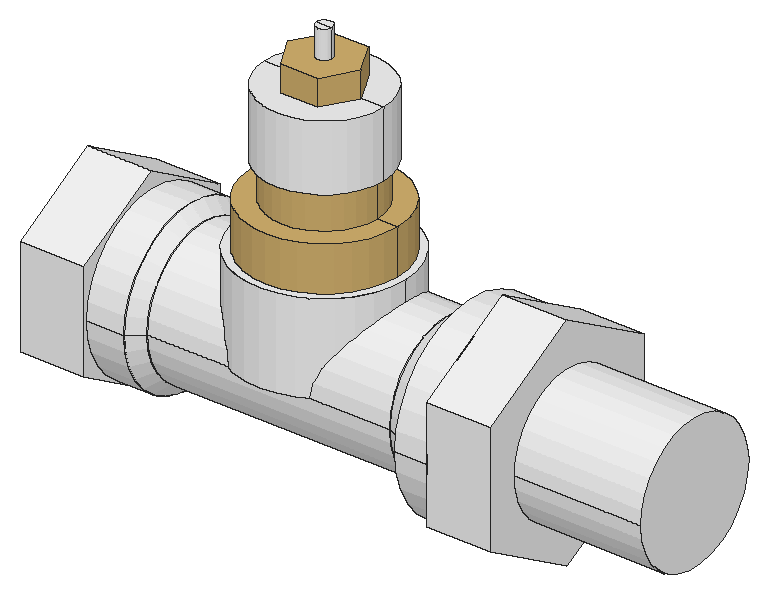
Revit family "RA-NCX_Straight_DN15_RFA_1", category Pipe Accessories, Revit 2019
Family settings
  Round Connector Dimension = Use Diameter
  Part Type = Valve - Breaks Into
  OmniClass Number = 23.65.55.14.17
  OmniClass Title = Adjusting/Controlling Valves for Liquid Services
  Work Plane-Based = No
  Always vertical = Yes
  Cut with Voids When Loaded = No
  Shared = No
Parameters (values of type "RA-NCX_Straight_DN15_D_013G4238")
  Weight = 0.28 kg
  W = R_200_1 * 2  # 34.6 mm
  TL = L1 + L2  # 75 mm
  Setting Range = "1-7,N"  # constant formula
  R_200_1 = 17.3 mm  # constant formula
  R_200 = 15.3 mm  # constant formula
  RV4 = 15 mm
  RV3 = 13 mm
  RV2 = 13 mm
  Pressure Drop [instance] = 0.0 bar
  Model Type = "RA-NCX_Straight_DN15_D"
  Model = "013G4238"
  Max Operating Pressure = "10 bar"  # constant formula
  Max Medium Temperature = "120 ˚C"  # constant formula
  Max Differential Pressure = "0.6 bar"  # constant formula
  L_2 = 10 mm
  Valve Body Material = Danfoss Brass (Chrome plated)
  RV5 = 10.5 mm
  LOD 350 = not(LOD 200)  # yes
  LOD 200 = no
  L6 = 5 mm
  L5 = 19 mm
  L4 = 19 mm
  L3 = 2 mm
  L = 95 mm
  Kvs = 0.9 m³/h
  IfcExportType = "RA-NCX"  # constant formula
  IfcExportAs = "IfcValveType"  # constant formula
  Ha = 45.3 mm  # constant formula
  H1 = 14 mm
  H2 = 7 mm
  L_1 = 10 mm
  URL = "https://store.danfoss.com/en/Climate-Solutions-for-heating/Radiator-Thermostats/Radiator-Valves/Build-on-valves/Presetting-valves/c/13866?q=%3Arelevance%3Adanfoss_producttypehierarchydesc%3ARA-NCX&text="
  Manufacturer = "Danfoss"  # constant formula
  L2 = 38 mm
  L1 = 37 mm
  H = Ha + R_200_1  # 62.6 mm
  Flow [instance] = 0.0 m³/h
  Description = "Thermostatic Radiator Valve"  # constant formula
  D_Thread = 22.6 mm
  DB1 = 25.5 mm
  DV1 = 22 mm
  L_Thread2 = 15 mm  # constant formula
  L_Thread1 = 13.3 mm  # constant formula
  D = 15 mm
  Connection = "Internal Thread"  # constant formula
Types (2, lengths in mm): name | Weight | TL | RV4 | RV3 | RV2 | Model Type | Model | RV5 | L6 | L5 | L4 | L3 | L | H1 | L2 | L1 | DV1
  RA-NCX_Straight_DN15_F_013G4248 | 0.26 kg | 61.5 | 14.8 | 12.3 | 12.5 | "RA-NCX_Straight_DN15_F" | "013G4248" | 10.2 | 4.5 | 15.5 | 9.5 | 4 | 82 | 15 | 32.5 | 29 | 21
  RA-NCX_Straight_DN15_D_013G4238 | 0.28 kg | 75 | 15 | 13 | 13 | "RA-NCX_Straight_DN15_D" | "013G4238" | 10.5 | 5 | 19 | 19 | 2 | 95 | 14 | 38 | 37 | 22
Reference planes
  plane 1 "Center (Front/Back)": y = 0
  plane 2 "XYPLANE": z = 6
  plane 3 "Center (Left/Right)": x = 0
  plane 4 "67": z = 41
  plane 5 "66": z = 21
  plane 6 "63": x = 0
  plane 7 "62": x = -37
  plane 8 "61": x = 38
  plane 9 "60": y = 0
  plane 10 "59": z = 0
  plane 11 "Y2": x = -27
  plane 12: z = 45.3
  plane 13: z = 26.7
  plane 14: x = 58
  plane 15: x = 28
  plane 16: z = 37
  plane 17: z = 14
  plane 18: x = 19
  plane 19: x = -19
  plane 20: x = -21
  plane 21: x = 23
  plane 22: z = -17.3
  plane 23: y = -17.3
  plane 24: y = 17.3
Forms (mm)
  Extrusion 1, solid, material "Danfoss Brass (Chrome plated)" <- "Valve Body Material", visible <- "LOD 350", detail levels fine
    sketch origin (-15, 0, 0) x (0, 0, 1) y (0, -1, 0)
      loop
        circle (0, 0) r 11
    from -4 to 34
  Extrusion 2, solid, material "Danfoss Brass (Chrome plated)" <- "Valve Body Material", visible <- "LOD 350", detail levels fine
    sketch origin (38, -750, 0) x (0, 1, 0) y (0, 0, 1)
      loop
        line (750, 17.321) -> (735, 8.66) -> (735, -8.66) -> (750, -17.321) -> (765, -8.66) -> (765, 8.66) -> (750, 17.321)
    from 0 to -10
  Extrusion 3, solid, material "Danfoss Brass (Chrome plated)" <- "Valve Body Material", visible <- "LOD 350", detail levels fine
    sketch origin (-37, -750, 0) x (0, 1, 0) y (0, 0, 1)
      loop
        line (750, 15.358) -> (736.7, 7.679) -> (736.7, -7.679) -> (750, -15.358) -> (763.3, -7.679) -> (763.3, 7.679) -> (750, 15.358)
    from 0 to 10 <- "L_1"
  Revolve 4, solid, material "Danfoss Brass (Chrome plated)" <- "Valve Body Material", detail levels fine
    sketch origin (0, 0, 0) x (1, 0, 0) y (0, 0, 1)
      loop
        line (0, 45.3) -> (0, 41) -> (1.2, 41) -> (1.2, 45.3) -> (0, 45.3)
      axis (0, 41) -> (0, 45.3)
    angle from 0 to 360
  Revolve 5, solid, material "Danfoss Brass", visible <- "LOD 350", detail levels fine
    sketch origin (0, 0, 0) x (1, 0, 0) y (0, 0, 1)
      loop
        line (0, 14) -> (11.5, 14) -> (11.5, 21) -> (8.3, 21) -> (8.3, 26.7) -> (0, 26.7) -> (0, 14)
      axis (0, 26.7) -> (0, 14)
    angle from 0 to 360
  Extrusion 6, solid, material "Danfoss Brass (Chrome plated)" <- "Valve Body Material", visible <- "LOD 350", detail levels fine
    sketch origin (38, -750, 0) x (0, 1, 0) y (0, 0, 1)
      loop
        circle (750, 0) r 13
    from -65 to -59
  Revolve 7, solid, material "Danfoss Brass (Chrome plated)" <- "Valve Body Material", detail levels fine
    sketch origin (0, 0, 0) x (1, 0, 0) y (0, 0, 1)
      loop
        line (0, 37) -> (0, 26.7) -> (9.3, 26.7) -> (9.3, 37) -> (0, 37)
      axis (0, 26.7) -> (0, 37)
    angle from 0 to 360
  Extrusion 8, solid, material "Danfoss Brass (Chrome plated)" <- "Valve Body Material", visible <- "LOD 200", detail levels fine
    sketch origin (38, -750, 0) x (0, 1, 0) y (0, 0, 1)
      loop
        circle (750, 0) r 11
    from -65 to -10
  Revolve 9, solid, material "Danfoss Brass", visible <- "LOD 200", detail levels fine
    sketch origin (0, 0, 0) x (1, 0, 0) y (0, 0, 1)
      loop
        line (0, 14) -> (11.4, 14) -> (11.4, 26.7) -> (0, 26.7) -> (0, 14)
      axis (0, 14) -> (0, 26.7)
    angle from 0 to 360
  Extrusion 10, solid, material "Danfoss Brass (Chrome plated)" <- "Valve Body Material", detail levels fine
    sketch origin (0, 0, 0) x (0, 1, 0) y (0, 0, 1)
      loop
        circle (0, 0) r 10.5
    from 38 to 58
  Extrusion 11, solid, material "Danfoss Brass (Chrome plated)" <- "Valve Body Material", detail levels fine
    sketch origin (0, 0, 0) x (1, 0, 0) y (0, 1, 0)
      loop
        circle (0, 0) r 12.75
    from 0 to 14
  Blend 12, solid, material "Danfoss Brass (Chrome plated)" <- "Valve Body Material", visible <- "LOD 350", detail levels fine
    base sketch origin (0, 0, 0) x (0, 1, 0) y (0, 0, 1)
      loop
        circle (0, 0) r 13
    top sketch origin (0, 0, 0) x (0, 1, 0) y (0, 0, 1)
      loop
        circle (0, 0) r 11
    from -21 to -19
  Blend 13, solid, material "Danfoss Brass (Chrome plated)" <- "Valve Body Material", visible <- "LOD 350", detail levels fine
    base sketch origin (0, 0, 0) x (0, 1, 0) y (0, 0, -1)
      loop
        circle (0, 0) r 13
    top sketch origin (0, 0, 0) x (0, 1, 0) y (0, 0, -1)
      loop
        circle (0, 0) r 11
    from -23 to -19
  Extrusion 14, solid, material "Danfoss Brass (Chrome plated)" <- "Valve Body Material", visible <- "LOD 350", detail levels fine
    sketch origin (-29.5, -750, 0) x (0, 1, 0) y (0, 0, -1)
      loop
        circle (750, 0) r 15
    from -57.5 to -52.5
  Extrusion 15, solid, material "Danfoss Brass", visible <- "LOD 350", detail levels fine
    sketch origin (0, 0, 0) x (1, 0, 0) y (0, 1, 0)
      loop
        line (-2.887, 5) -> (-5.774, 0) -> (-2.887, -5) -> (2.887, -5) -> (5.774, 0) -> (2.887, 5) -> (-2.887, 5)
    from 37 to 41
  Extrusion 16, solid, material "Danfoss Brass (Chrome plated)" <- "Valve Body Material", visible <- "LOD 200", detail levels fine
    sketch origin (0, 0, 0) x (0, 1, 0) y (0, 0, 1)
      loop
        circle (0, 0) r 15.3
    from -37 to -27
  Extrusion 17, solid, material "Danfoss Brass (Chrome plated)" <- "Valve Body Material", visible <- "LOD 200", detail levels fine
    sketch origin (0, 0, 0) x (0, 1, 0) y (0, 0, 1)
      loop
        circle (0, 0) r 17.3
    from 28 to 38
  Extrusion 18, solid, material "Danfoss Brass", visible <- "LOD 200", detail levels fine
    sketch origin (0, 0, 0) x (1, 0, 0) y (0, 1, 0)
      loop
        circle (0, 0) r 5.774
    from 37 to 41
Lines and regions (mm)
  reference lines, not visible
    curve 1: circle (2, 2, 0) r 1 normal (0, 0, 1)
  reference lines, visible <- "LOD 350"
    curve 2: line (38, 0, 0) -> (38, 5.846, -3.375)
    curve 3: line (38, 0, 0) -> (38, 0, -6.75)
    curve 4: line (38, 0, 0) -> (38, -5.846, -3.375)
    curve 5: line (-37, 0, 0) -> (-37, -4.98, -2.875)
    curve 6: line (-37, 0, 0) -> (-37, 0, -5.75)
    curve 7: line (-37, 0, 0) -> (-37, 4.98, -2.875)
Dimensions and locks
  plane 1 "Center (Front/Back)" to curve 1 = 2 mm
  locked: plane 3 "Center (Left/Right)" to plane 6 "63"
  "L1": plane 3 "Center (Left/Right)" to plane 7 "62"
  "L2": plane 3 "Center (Left/Right)" to plane 8 "61"
  locked: plane 1 "Center (Front/Back)" to plane 9 "60"
  plane 10 "59" to plane 2 "XYPLANE" = 6 mm
  "L_Thread2": curve 2 to Extrusion 2 sketch curve  (x2)
  "L_Thread2": curve 3 to Extrusion 2 sketch curve  (x2)
  "L_Thread2": curve 4 to Extrusion 2 sketch curve  (x2)
  "L_Thread1": curve 5 to Extrusion 3 sketch curve  (x2)
  "L_Thread1": curve 6 to Extrusion 3 sketch curve  (x2)
  "L_Thread1": curve 7 to Extrusion 3 sketch curve  (x2)
  "Ha": plane 12 to level
  Revolve 7 sketch curve to Revolve 7 sketch curve = 9.3 mm
  Revolve 5 sketch curve to plane 3 "Center (Left/Right)" = 11.5 mm
  Revolve 5 sketch curve to plane 3 "Center (Left/Right)" = 8.3 mm
  Revolve 9 sketch curve to Revolve 9 sketch curve = 11.4 mm
  "L_1": plane 7 "62" to plane 11 "Y2"
  locked: plane 13 to plane 5 "66" at 5.7
  "L_2": plane 15 to plane 8 "61"
  locked: plane 16 to plane 13 at 10.3
  "H1": plane 17 to level
  "H2": plane 5 "66" to plane 17
  locked: plane 4 "67" to plane 5 "66" at 20
  "L4": plane 3 "Center (Left/Right)" to plane 19
  "L5": plane 18 to plane 3 "Center (Left/Right)"
  "L3": plane 19 to plane 20
  plane 8 "61" to plane 7 "62" = 75 mm
  "L": plane 14 to plane 7 "62"
  "L6": plane 15 to plane 21
  Extrusion 15 sketch curve to Extrusion 15 sketch curve = 10 mm  (x3)
  equal spacing: Extrusion 15 sketch curve, plane 1 "Center (Front/Back)", Extrusion 15 sketch curve
  equal spacing: Extrusion 15 sketch curve, plane 3 "Center (Left/Right)", Extrusion 15 sketch curve  (x2)
  "H": plane 12 to plane 22
  equal spacing: plane 23, plane 1 "Center (Front/Back)", plane 24
  "W": plane 23 to plane 24
  "DV1": diameter of Extrusion 1 sketch curve
  "RV2": radius of Extrusion 6 sketch curve
  "DV1": diameter of Extrusion 8 sketch curve
  "RV5": radius of Extrusion 10 sketch curve
  "DB1": diameter of Extrusion 11 sketch curve
  "RV2": radius of Blend 12 sketch curve
  "DV1": diameter of Blend 12 sketch curve
  "RV3": radius of Blend 13 sketch curve
  "DV1": diameter of Blend 13 sketch curve
  "RV4": radius of Extrusion 14 sketch curve
  "R_200": radius of Extrusion 16 sketch curve
  "R_200_1": radius of Extrusion 17 sketch curve
  radius of Extrusion 18 sketch curve = 5.774 mm
  locked: curve 3 to curve 2 (angle 60.00°)
  locked: curve 4 to curve 3 (angle 60.00°)
  locked: curve 4 to curve 2 (angle 120.00°)
  locked: curve 6 to curve 5 (angle 60.00°)
  locked: curve 7 to curve 6 (angle 60.00°)
  locked: curve 7 to curve 5 (angle 120.00°)
  aligned and locked: Extrusion 1 sketch curve to plane 9 "60"
  aligned and locked: curve 4 to plane 9 "60"
  aligned and locked: plane 10 "59" to curve 4
  aligned and locked: curve 7 to plane 9 "60"
  aligned and locked: plane 10 "59" to curve 7
  aligned and locked: Revolve 4 sketch curve to plane 6 "63"
  aligned and locked: Revolve 4 sketch curve to plane 12
  aligned and locked: plane 6 "63" to Revolve 4 sketch curve
  aligned and locked: Revolve 5 sketch curve to plane 5 "66"
  aligned and locked: Revolve 5 sketch curve to plane 3 "Center (Left/Right)"
  aligned and locked: Revolve 5 sketch curve to Revolve 5 sketch curve
  aligned and locked: plane 1 "Center (Front/Back)" to Extrusion 6 sketch curve
  aligned and locked: level to Extrusion 6 sketch curve
  aligned and locked: Revolve 5 sketch curve to plane 13
  aligned and locked: Revolve 7 sketch curve to plane 6 "63"
  aligned and locked: Revolve 7 sketch curve to plane 13
  aligned and locked: plane 6 "63" to Revolve 7 sketch curve
  aligned and locked: plane 1 "Center (Front/Back)" to Extrusion 8 sketch curve
  aligned and locked: level to Extrusion 8 sketch curve
  aligned and locked: Revolve 9 sketch curve to plane 6 "63"
  aligned and locked: plane 2 "XYPLANE" to Revolve 9 sketch curve
  aligned and locked: plane 6 "63" to Revolve 9 sketch curve
  aligned and locked: nested 1 to plane 9 "60"
  aligned and locked: plane 11 "Y2" to Extrusion 3
  aligned and locked: Revolve 4 sketch curve to plane 4 "67"
  aligned and locked: plane 4 "67" to Revolve 4 sketch curve
  aligned and locked: plane 1 "Center (Front/Back)" to Extrusion 10 sketch curve
  aligned and locked: level to Extrusion 10 sketch curve
  aligned and locked: Extrusion 2 to plane 15
  aligned and locked: Revolve 7 sketch curve to plane 16
  aligned and locked: Revolve 5 sketch curve to plane 17
  aligned and locked: plane 17 to Revolve 5 sketch curve
  aligned and locked: plane 6 "63" to Extrusion 11 sketch curve
  aligned and locked: plane 9 "60" to Extrusion 11 sketch curve
  aligned and locked: plane 17 to Extrusion 11
  aligned and locked: Extrusion 10 to plane 8 "61"
  aligned and locked: Extrusion 10 to plane 14
  aligned and locked: Extrusion 1 to plane 19
  aligned and locked: plane 18 to Extrusion 1
  aligned and locked: Extrusion 6 to plane 11 "Y2"
  aligned and locked: plane 20 to Extrusion 6
  aligned and locked: plane 1 "Center (Front/Back)" to Blend 12 sketch curve  (x2)
  aligned and locked: level to Blend 12 sketch curve  (x2)
  aligned and locked: Blend 12 to plane 20
  aligned and locked: plane 19 to Blend 12
  aligned and locked: plane 18 to Blend 13
  aligned and locked: plane 1 "Center (Front/Back)" to Blend 13 sketch curve  (x2)
  aligned and locked: level to Blend 13 sketch curve  (x2)
  aligned and locked: Extrusion 8 to plane 11 "Y2"
  aligned and locked: plane 15 to Extrusion 8
  aligned and locked: plane 21 to Blend 13
  aligned and locked: plane 15 to Extrusion 14
  aligned and locked: Extrusion 14 to plane 21
  aligned and locked: Extrusion 15 to plane 16
  aligned and locked: plane 4 "67" to Extrusion 15
  aligned and locked: plane 1 "Center (Front/Back)" to Extrusion 16 sketch curve
  aligned and locked: level to Extrusion 16 sketch curve
  aligned and locked: plane 1 "Center (Front/Back)" to Extrusion 17 sketch curve
  aligned and locked: level to Extrusion 17 sketch curve
  aligned and locked: Extrusion 16 to plane 7 "62"
  aligned and locked: Extrusion 16 to plane 11 "Y2"
  aligned and locked: Extrusion 17 to plane 15
  aligned and locked: Extrusion 17 to plane 8 "61"
  aligned and locked: Revolve 9 sketch curve to plane 13
  aligned and locked: plane 6 "63" to Extrusion 18 sketch curve
  aligned and locked: plane 9 "60" to Extrusion 18 sketch curve
  aligned and locked: Extrusion 18 to plane 16
  aligned and locked: plane 4 "67" to Extrusion 18
  aligned and locked: nested 1 to plane 7 "62"
Automatic sketch dimensions
  plane 3 "Center (Left/Right)" to curve 1 = 2 mm
  plane 3 "Center (Left/Right)" to Revolve 4 sketch curve = 1.2 mm
  plane 12 to Revolve 4 sketch curve = 0.838 mm
  plane 16 to Revolve 5 sketch curve = 1 mm
  Revolve 7 sketch curve to plane 3 "Center (Left/Right)" = 0 mm
  plane 5 "66" to Revolve 7 sketch curve = 2.5 mm
  Revolve 7 sketch curve to plane 12 = 1.691 mm
  Revolve 9 sketch curve to plane 17 = 0 mm
  Revolve 9 sketch curve to plane 12 = 0.3 mm
  plane 1 "Center (Front/Back)" to Extrusion 15 sketch curve = 0 mm
  Extrusion 15 sketch curve to Extrusion 15 sketch curve = 2.887 mm
  Extrusion 1 sketch curve to level = 0 mm
  Extrusion 10 sketch curve to level = 0 mm
  Extrusion 14 sketch curve to level = 0 mm
  Extrusion 14 sketch curve to plane 1 "Center (Front/Back)" = 0 mm
  radius of curve 1 = 1 mm
Nested families
  nested 1: "Schematic_TRV_Straight" at (-9.25, 0, 0), type "Schematic_TRV_Straight", detail levels coarse+medium
Connectors
  piping at (-37, 0, 0), diameter 15, driven by "D", driven by "Flow"
    settings: on Extrusion 3, index 2, connector inside diameter 609.6 mm, connector length 0 mm, flow factor 0, pipe flow 0.0 m³/h, pressure drop 0.0 bar, fitting loss kfactor 0, connector angle 0.00°, fixture units 0, engagement length 0 mm, angle of deflection 0.00°, flow configuration 0, flow direction 1, fitting loss method 0, system type 29, joint type 0, gender type 0, connector reference index 3, connector utility 0, adjustable connector no, is connector primary yes, connector description ""
  piping at (38, 0, 0), diameter 15, driven by "Flow", driven by "D"
    settings: on Extrusion 2, index 3, connector inside diameter 609.6 mm, connector length 0 mm, flow factor 0, pipe flow 0.0 m³/h, pressure drop 0.0 bar, fitting loss kfactor 0, connector angle 0.00°, fixture units 0, engagement length 0 mm, angle of deflection 0.00°, flow configuration 0, flow direction 2, fitting loss method 0, system type 29, joint type 0, gender type 0, connector reference index 2, connector utility 0, adjustable connector no, is connector primary no, connector description ""
Definition of nested family "Schematic_TRV_Straight"
  Parameters (values of type "Schematic_TRV_Straight")
    L = 55.5 mm
    LT = 4 / 5 * D  # 20.4 mm
    HT = 45.5 mm
    D = 25.5 mm
  Reference planes
    plane 1 "Center (Front/Back)": y = 0
    plane 2: z = 0
    plane 3 "Center (Left/Right)": x = 0
    plane 4: x = 27.75
    plane 5: y = 12.75
    plane 6: y = -12.75
    plane 7: z = 12.75
    plane 8: z = -12.75
    plane 9: z = 45.5
    plane 10: x = -10.2
    plane 11: x = 10.2
    plane 12: x = -27.75
    plane 13: y = 45.5
  Lines and regions (mm)
    model lines
      curve 1: line (0, 0, 0) -> (27.75, 0, 12.75)
      curve 2: line (27.75, 0, 12.75) -> (27.75, 0, -12.75)
      curve 3: line (27.75, 0, -12.75) -> (0, 0, 0)
      curve 4: line (0, 0, 0) -> (0, 0, 45.5)
      curve 5: line (-10.2, 0, 45.5) -> (10.2, 0, 45.5)
      curve 6: line (0, 0, 0) -> (-27.75, 0, 12.75)
      curve 7: line (-27.75, 0, 12.75) -> (-27.75, 0, -12.75)
      curve 8: line (-27.75, 0, -12.75) -> (0, 0, 0)
    symbolic lines
      curve 9: line (27.75, 12.75, 0) -> (27.75, -12.75, 0)
      curve 10: line (10.2, 45.5, 0) -> (-10.2, 45.5, 0)
      curve 11: line (0, 45.5, 0) -> (0, 0, 0)
      curve 12: line (0, 0, 0) -> (27.75, 12.75, 0)
      curve 13: line (27.75, -12.75, 0) -> (0, 0, 0)
      curve 14: line (-27.75, 12.75, 0) -> (-27.75, -12.75, 0)
      curve 15: line (0, 0, 0) -> (-27.75, 12.75, 0)
      curve 16: line (-27.75, -12.75, 0) -> (0, 0, 0)
  Dimensions and locks
    equal spacing: plane 6, plane 1 "Center (Front/Back)", plane 5
    equal spacing: plane 7, level, plane 8
    "D": plane 7 to plane 8
    "L": plane 4 to plane 12
    equal spacing: plane 4, plane 3 "Center (Left/Right)", plane 12
    "LT": plane 11 to plane 10
    equal spacing: plane 11, plane 3 "Center (Left/Right)", plane 10
    "D": plane 6 to plane 5
    "HT": plane 9 to level
    "HT": plane 1 "Center (Front/Back)" to plane 13
    equal spacing: plane 10, plane 3 "Center (Left/Right)", plane 11
    aligned and locked: level to plane 2
    aligned and locked: curve 2 to plane 4
    aligned and locked: plane 3 "Center (Left/Right)" to curve 4
    aligned and locked: curve 5 to plane 9
    aligned and locked: curve 7 to plane 12
    aligned and locked: plane 13 to curve 10
  Automatic sketch dimensions
    curve 8 to plane 8 = 0 mm
    curve 2 to plane 8 = 0 mm
    curve 1 to level = 0 mm
    curve 2 to plane 7 = 0 mm
    curve 7 to plane 7 = 0 mm
    curve 5 to plane 10 = 0 mm
    curve 5 to plane 11 = 0 mm
    plane 6 to curve 16 = 0 mm
    curve 16 to plane 12 = 0 mm
    plane 1 "Center (Front/Back)" to curve 11 = 0 mm
    curve 11 to plane 3 "Center (Left/Right)" = 0 mm
    curve 12 to plane 4 = 0 mm
    plane 6 to curve 9 = 0 mm
    plane 5 to curve 9 = 0 mm
    plane 5 to curve 14 = 0 mm
    curve 10 to plane 10 = 0 mm
    curve 10 to plane 11 = 0 mm
